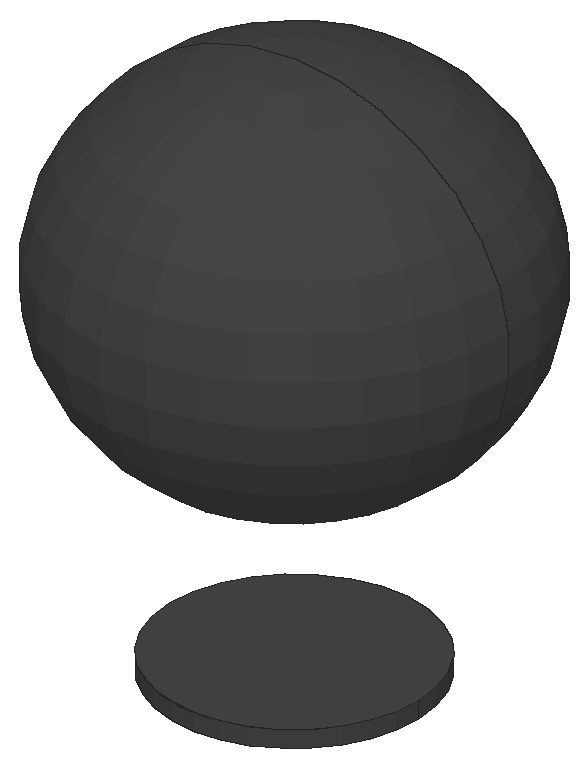
Revit family "Finca Arbol claro", category Vegetación, Revit 2027
Family settings
  Se basa en plano de trabajo = No
  Siempre vertical = Sí
  Corte con vacíos al cargar = No
  Origen de apariencia de renderización = Geometría de familia
  Compartido = No
Parameters
  Elevación por defecto = 0 mm
  Altura = 0 mm
Reference planes
  plane 1 "Centro (Frontal/Posterior)": y = 0
  plane 2: z = 0
  plane 3 "Centro (Izquierda/Derecha)": x = 0
Forms (mm)
  Extrusion 1, solid, material "Finca - Tronco"
    sketch origin (0, 0, 0) x (1, 0, 0) y (0, 1, 0)
      loop
        circle (0, 0) r 15
    from 0 to 2
  Revolve 2, solid, material "Finca - Follaje claro"
    sketch origin (0, 0, 0) x (0, 0, 1) y (1, 0, 0)
      loop
        line (20, 0) -> (66, 0)
        spline (66, 0) -> (65.216, 6.729) -> (62.919, 13) -> (59.263, 18.385) -> (54.5, 22.517) -> (48.953, 25.114) -> (43, 26) -> (37.047, 25.114) -> (31.5, 22.517) -> (26.737, 18.385) -> (23.081, 13) -> (20.784, 6.729) -> (20, 0)
      axis (20, 0) -> (66, 0)
    angle from 0 to 360
Dimensions and locks
  aligned and locked: level to plane 2
